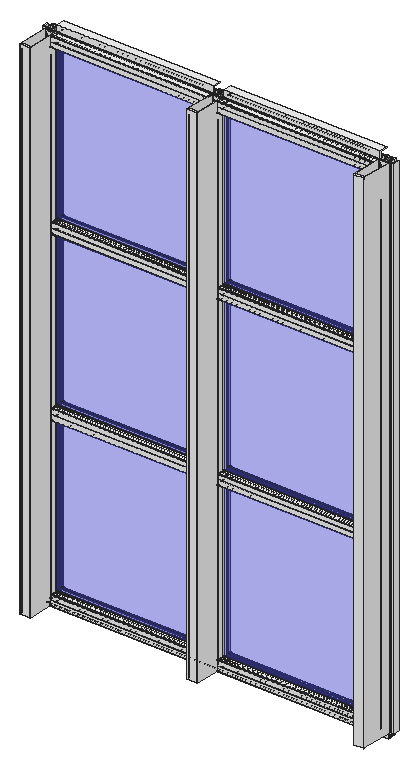
Revit family "Facade_60_Curtain_Wall_S23_Custom", category Windows, host Wall, Revit 2014 (continued)
Definition of nested family "F60_Double_Glazing_S23_Cust"
  Parameters (values of type "F60_Double_Glazing")
    Glazing Thickness DG [instance] = 4 mm
    Glazing Material [instance] = Glass
    Double Glazing Gasket Thickness [instance] = 12 mm
    Double Glazing Gasket Material [instance] = none
  Reference planes
    plane 1 "Center (Front/Back)": y = 0
    plane 2: z = 0
    plane 3 "Center (Left/Right)": x = 0
  Forms (mm)
    Extrusion 1, solid, material "Glass" <- "Glazing Material"
      sketch origin (0, 0, 0) x (1, 0, 0) y (0, 0, 1)
        loop
          line (0, 0) -> (0, 600) -> (-600, 600) -> (-600, 0) -> (0, 0)
      from 0 to 4 <- "Glazing Thickness DG"
    Extrusion 2, solid, material <- "Double Glazing Gasket Material"
      sketch origin (0, -4, 0) x (1, 0, 0) y (0, 0, 1)
        loop
          line (-600, 600) -> (-600, 0) -> (0, 0) -> (0, 600) -> (-600, 600)
        loop
          line (-592, 8) -> (-8, 8) -> (-8, 592) -> (-592, 592) -> (-592, 8)
      from 0 to 12 <- "Double Glazing Gasket Thickness"
    Extrusion 3, solid, material "Glass" <- "Glazing Material"
      sketch origin (0, -16, 0) x (1, 0, 0) y (0, 0, 1)
        loop
          line (-600, 600) -> (-600, 0) -> (0, 0) -> (0, 600) -> (-600, 600)
      from 0 to 4 <- "Glazing Thickness DG"
  Dimensions and locks
    "Glazing Width": plane 3 "Center (Left/Right)" to Extrusion 1 sketch curve
    "Glazing Height": Extrusion 1 sketch curve to level
    aligned and locked: level to plane 2
    aligned and locked: Extrusion 1 sketch curve to plane 3 "Center (Left/Right)"
    aligned and locked: level to Extrusion 1 sketch curve
    aligned and locked: Extrusion 2 sketch curve to Extrusion 1  (x4)
    aligned and locked: Extrusion 3 sketch curve to Extrusion 2  (x4)
  Automatic sketch dimensions
    Extrusion 2 sketch curve to Extrusion 1 = 8 mm  (x4)
Definition of nested family "F60 Vertical Profile Middle_S23_Cust"
  Parameters (values of type "F60 Vertical Profile Middle")
    Quarter SG Expansion Break [instance] = if(and(Quarter Expansion Break, Single Glazing), 1 = 1, 1 = 0)  # yes
    Quarter Length [instance] = Length / 4  # 62.5 mm
    Thermal Break Material [instance] = none
    Single Glazing [instance] = yes
    Quarter Expansion Break [instance] = yes
    Quarter DG Expansion Break [instance] = if(and(Quarter Expansion Break, Double Glazing), 1 = 1, 1 = 0)  # yes
    Quarter 190mm Expansion Break [instance] = if(and(Quarter Expansion Break, [190mm Mullion]), 1 = 1, 1 = 0)  # yes
    Quarter 160mm Expansion Break [instance] = if(and(Quarter Expansion Break, [160mm Mullion]), 1 = 1, 1 = 0)  # yes
    Quarter 100mm Expansion Break [instance] = if(and(Quarter Expansion Break, [100mm Mullion]), 1 = 1, 1 = 0)  # yes
    Profile Material [instance] = none
    Length [instance] = 250 mm
    Half SG Expansion Break [instance] = if(and(Half Expansion Break, Single Glazing), 1 = 1, 1 = 0)  # yes
    Half Length [instance] = Length / 2  # 125 mm
    Half Expansion Break [instance] = yes
    Half DG Expansion Break [instance] = if(and(Half Expansion Break, Double Glazing), 1 = 1, 1 = 0)  # yes
    Half 190mm Expansion Joint [instance] = if(and(Half Expansion Break, [190mm Mullion]), 1 = 1, 1 = 0)  # yes
    Half 160mm Expansion Break [instance] = if(and(Half Expansion Break, [160mm Mullion]), 1 = 1, 1 = 0)  # yes
    Half 100mm Expansion Break [instance] = if(and(Half Expansion Break, [100mm Mullion]), 1 = 1, 1 = 0)  # yes
    Double Glazing [instance] = yes
    190mm Mullion [instance] = yes
    160mm Mullion [instance] = yes
    100mm Mullion [instance] = yes
  Reference planes
    plane 1 "Center (Front/Back)": y = 0
    plane 2: z = 0
    plane 3 "Center (Left/Right)": x = 0
  Forms (mm)
    Extrusion 1, solid, material <- "Profile Material"
      sketch origin (0, 0, 0) x (1, 0, 0) y (0, 1, 0)
        loop
          arc (25.249, -8.7) -> (25.484, -9.266) -> (26.049, -9.5) r 0.8
          line (26.049, -9.5) -> (27.1, -9.5) -> (27.1, 7) -> (32.902, 7) -> (32.902, -9.5) -> (33.951, -9.5)
          arc (33.951, -9.5) -> (34.516, -9.266) -> (34.751, -8.7) r 0.8
          line (34.751, -8.7) -> (34.751, 6.2)
          arc (34.751, 6.2) -> (34.985, 6.766) -> (35.551, 7) r 0.8
          line (35.551, 7) -> (52.1, 7) -> (52.1, 5.4) -> (50.55, 5.4) -> (50.55, 4.55)
          arc (50.55, 4.55) -> (50.726, 4.126) -> (51.15, 3.95) r 0.6
          line (51.15, 3.95) -> (52.1, 3.95) -> (52.1, 1)
          arc (52.1, 1) -> (51.6, 0.5) -> (52.1, 0) r 0.5
          line (52.1, 0) -> (54.45, 0) -> (54.45, 1.15) -> (53.3, 1.15) -> (53.3, 2.45) -> (58.8, 2.45) -> (58.8, 1.15) -> (57.65, 1.15) -> (57.65, 0) -> (59.5, 0)
          arc (59.5, 0) -> (59.854, 0.146) -> (60, 0.5) r 0.5
          line (60, 0.5) -> (60, 3.9) -> (53.55, 3.9) -> (53.55, 7.6)
          arc (53.55, 7.6) -> (53.316, 8.166) -> (52.75, 8.4) r 0.8
          line (52.75, 8.4) -> (30, 8.4) -> (7.25, 8.4)
          arc (7.25, 8.4) -> (6.684, 8.166) -> (6.45, 7.6) r 0.8
          line (6.45, 7.6) -> (6.45, 3.9) -> (0, 3.9) -> (0, 0.5)
          arc (0, 0.5) -> (0.146, 0.146) -> (0.5, 0) r 0.5
          line (0.5, 0) -> (2.35, 0) -> (2.35, 1.15) -> (1.2, 1.15) -> (1.2, 2.45) -> (6.7, 2.45) -> (6.7, 1.15) -> (5.55, 1.15) -> (5.55, 0) -> (7.9, 0)
          arc (7.9, 0) -> (8.4, 0.5) -> (7.9, 1) r 0.5
          line (7.9, 1) -> (7.9, 3.95) -> (8.85, 3.95)
          arc (8.85, 3.95) -> (9.274, 4.126) -> (9.45, 4.55) r 0.6
          line (9.45, 4.55) -> (9.45, 5.4) -> (7.9, 5.4) -> (7.9, 7) -> (24.449, 7)
          arc (24.449, 7) -> (25.015, 6.766) -> (25.249, 6.2) r 0.8
          line (25.249, 6.2) -> (25.249, -8.7)
      from 0 to 250 <- "Length"
    Extrusion 2, solid, material <- "Thermal Break Material"
      sketch origin (0, 0, 0) x (1, 0, 0) y (0, 1, 0)
        loop
          line (1.75, 9.8) -> (1.75, 5.2) -> (0, 5.2) -> (0, 3.9) -> (6.35, 3.9) -> (6.35, 7.856)
          arc (6.35, 7.856) -> (6.526, 8.281) -> (6.95, 8.456) r 0.6
          line (6.95, 8.456) -> (30, 8.456) -> (53.05, 8.456)
          arc (53.05, 8.456) -> (53.474, 8.281) -> (53.65, 7.856) r 0.6
          line (53.65, 7.856) -> (53.65, 3.9) -> (60, 3.9) -> (60, 5.2) -> (58.25, 5.2) -> (58.25, 9.8) -> (30, 9.8) -> (1.75, 9.8)
      from 0 to 250 <- "Length"
    Extrusion 3, solid, material <- "Thermal Break Material", visible <- "Single Glazing"
      sketch origin (0, 0, 0) x (1, 0, 0) y (0, 1, 0)
        loop
          line (25.749, -14.011) -> (27.672, -14.011) -> (28.481, -12.611) -> (31.518, -12.611) -> (32.327, -14.011) -> (34.249, -14.011)
          arc (34.249, -14.011) -> (34.603, -13.864) -> (34.749, -13.511) r 0.5
          line (34.749, -13.511) -> (34.749, -10.011)
          arc (34.749, -10.011) -> (34.603, -9.657) -> (34.249, -9.511) r 0.5
          line (34.249, -9.511) -> (32.352, -9.511) -> (32.352, 0.19) -> (31.349, 2.261)
          arc (31.349, 2.261) -> (29.999, 2.986) -> (28.649, 2.261) r 1.62
          line (28.649, 2.261) -> (27.647, 0.19) -> (27.647, -9.511) -> (25.749, -9.511)
          arc (25.749, -9.511) -> (25.396, -9.657) -> (25.249, -10.011) r 0.5
          line (25.249, -10.011) -> (25.249, -13.511)
          arc (25.249, -13.511) -> (25.396, -13.864) -> (25.749, -14.011) r 0.5
        loop
          line (28.504, -10.005) -> (28.504, -10.861)
          arc (28.504, -10.861) -> (28.651, -11.214) -> (29.004, -11.361) r 0.5
          line (29.004, -11.361) -> (30.994, -11.361)
          arc (30.994, -11.361) -> (31.348, -11.214) -> (31.494, -10.861) r 0.5
          line (31.494, -10.861) -> (31.494, -10.005) -> (30.708, -9.219)
          arc (30.708, -9.219) -> (30.383, -9.001) -> (29.999, -8.924) r 1.007
          arc (29.999, -8.924) -> (29.616, -8.999) -> (29.292, -9.217) r 0.986
          line (29.292, -9.217) -> (28.504, -10.005)
        loop
          arc (30.896, 1.935) -> (29.887, 2.44) -> (29.005, 1.735) r 1.047
          line (29.005, 1.735) -> (28.347, 0.374) -> (28.347, -6.993)
          arc (28.347, -6.993) -> (28.583, -7.417) -> (29.068, -7.441) r 0.5
          arc (29.068, -7.441) -> (29.999, -7.223) -> (30.93, -7.441) r 2.099
          arc (30.93, -7.441) -> (31.416, -7.417) -> (31.652, -6.993) r 0.5
          line (31.652, -6.993) -> (31.652, 0.374) -> (30.896, 1.935)
      from 0 to 250 <- "Length"
    Extrusion 4, solid, material <- "Profile Material", visible <- "Single Glazing"
      sketch origin (0, 0, 0) x (1, 0, 0) y (0, 1, 0)
        loop
          line (52.693, -14.011) -> (32.327, -14.011) -> (31.519, -12.611) -> (28.481, -12.611) -> (27.673, -14.011) -> (7.307, -14.011) -> (7.307, -15.011) -> (8.457, -15.011) -> (8.457, -16.261) -> (2.957, -16.261) -> (2.957, -15.011) -> (4.107, -15.011) -> (4.107, -14.011) -> (1.707, -14.011)
          arc (1.707, -14.011) -> (1.199, -14.293) -> (1.168, -14.873) r 0.6
          line (1.168, -14.873) -> (2.093, -16.772) -> (1.015, -17.298) -> (1.484, -18.261) -> (11.488, -18.261)
          arc (11.488, -18.261) -> (11.913, -18.085) -> (12.088, -17.661) r 0.6
          line (12.088, -17.661) -> (12.088, -16.811) -> (47.912, -16.811) -> (47.912, -17.661)
          arc (47.912, -17.661) -> (48.088, -18.085) -> (48.512, -18.261) r 0.6
          line (48.512, -18.261) -> (58.518, -18.261) -> (58.987, -17.298) -> (57.908, -16.772) -> (58.834, -14.874)
          arc (58.834, -14.874) -> (58.802, -14.293) -> (58.293, -14.011) r 0.6
          line (58.293, -14.011) -> (55.893, -14.011) -> (55.893, -15.011) -> (57.043, -15.011) -> (57.043, -16.261) -> (51.543, -16.261) -> (51.543, -15.011) -> (52.693, -15.011) -> (52.693, -14.011)
      from 0 to 250 <- "Length"
    Extrusion 5, solid, material <- "Profile Material", visible <- "Single Glazing"
      sketch origin (0, 0, 0) x (1, 0, 0) y (0, 1, 0)
        loop
          line (2.801, -18.261) -> (1.484, -18.261) -> (1.015, -17.298) -> (2.093, -16.772) -> (0.779, -14.076)
          arc (0.779, -14.076) -> (0.239, -14.21) -> (0.001, -14.713) r 0.65
          line (0.001, -14.713) -> (0.001, -28.068)
          arc (0.001, -28.068) -> (1.172, -30.897) -> (4.001, -32.068) r 4
          line (4.001, -32.068) -> (30.001, -32.068) -> (56.001, -32.068)
          arc (56.001, -32.068) -> (58.829, -30.897) -> (60.001, -28.068) r 4
          line (60.001, -28.068) -> (60.001, -14.713)
          arc (60.001, -14.713) -> (59.763, -14.21) -> (59.223, -14.076) r 0.65
          line (59.223, -14.076) -> (57.908, -16.772) -> (58.987, -17.298) -> (58.518, -18.261) -> (57.201, -18.261)
          arc (57.201, -18.261) -> (56.83, -18.425) -> (56.703, -18.811) r 0.5
          arc (56.703, -18.811) -> (56.83, -19.196) -> (57.201, -19.361) r 0.5
          line (57.201, -19.361) -> (58.951, -19.361) -> (58.951, -27.968)
          arc (58.951, -27.968) -> (58.131, -29.948) -> (56.151, -30.768) r 2.8
          line (56.151, -30.768) -> (30.001, -30.768) -> (3.851, -30.768)
          arc (3.851, -30.768) -> (1.871, -29.948) -> (1.051, -27.968) r 2.8
          line (1.051, -27.968) -> (1.051, -19.361) -> (2.801, -19.361)
          arc (2.801, -19.361) -> (3.172, -19.196) -> (3.298, -18.811) r 0.5
          arc (3.298, -18.811) -> (3.172, -18.425) -> (2.801, -18.261) r 0.5
      from 0 to 250 <- "Length"
    Extrusion 6, solid, material <- "Profile Material", visible <- "100mm Mullion"
      sketch origin (0, 0, 0) x (1, 0, 0) y (0, 1, 0)
        loop
          line (14.02, 13) -> (45.98, 13)
          arc (45.98, 13) -> (46.539, 12.842) -> (46.917, 12.4) r 1
          arc (46.917, 12.4) -> (47.285, 11.963) -> (47.833, 11.8) r 1
          line (47.833, 11.8) -> (58.15, 11.8) -> (58.15, 96.3) -> (47.833, 96.3)
          arc (47.833, 96.3) -> (47.285, 96.137) -> (46.917, 95.7) r 1
          arc (46.917, 95.7) -> (46.548, 95.263) -> (46, 95.1) r 1
          line (46, 95.1) -> (14, 95.1)
          arc (14, 95.1) -> (13.452, 95.263) -> (13.083, 95.7) r 1
          arc (13.083, 95.7) -> (12.715, 96.137) -> (12.167, 96.3) r 1
          line (12.167, 96.3) -> (1.85, 96.3) -> (1.85, 11.8) -> (12.167, 11.8)
          arc (12.167, 11.8) -> (12.715, 11.963) -> (13.083, 12.4) r 1
          arc (13.083, 12.4) -> (13.461, 12.842) -> (14.02, 13) r 1
        loop
          line (1.65, 9.856) -> (58.35, 9.856) -> (58.35, 5.2) -> (60, 5.2) -> (60, 98.8)
          arc (60, 98.8) -> (59.707, 99.507) -> (59, 99.8) r 1
          line (59, 99.8) -> (1, 99.8)
          arc (1, 99.8) -> (0.293, 99.507) -> (0, 98.8) r 1
          line (0, 98.8) -> (0, 5.2) -> (1.65, 5.2) -> (1.65, 9.856)
      from 0 to 250 <- "Length"
    Extrusion 7, solid, material <- "Profile Material", visible <- "160mm Mullion"
      sketch origin (0, 0, 0) x (1, 0, 0) y (0, 1, 0)
        loop
          arc (2.35, 15.6) -> (2.526, 15.176) -> (2.95, 15) r 0.6
          line (2.95, 15) -> (57.05, 15)
          arc (57.05, 15) -> (57.474, 15.176) -> (57.65, 15.6) r 0.6
          line (57.65, 15.6) -> (57.65, 153.7)
          arc (57.65, 153.7) -> (57.474, 154.124) -> (57.05, 154.3) r 0.6
          line (57.05, 154.3) -> (47.833, 154.3)
          arc (47.833, 154.3) -> (47.285, 154.137) -> (46.917, 153.7) r 1
          arc (46.917, 153.7) -> (46.548, 153.263) -> (46, 153.1) r 1
          line (46, 153.1) -> (14, 153.1)
          arc (14, 153.1) -> (13.452, 153.263) -> (13.083, 153.7) r 1
          arc (13.083, 153.7) -> (12.715, 154.137) -> (12.167, 154.3) r 1
          line (12.167, 154.3) -> (2.95, 154.3)
          arc (2.95, 154.3) -> (2.526, 154.124) -> (2.35, 153.7) r 0.6
          line (2.35, 153.7) -> (2.35, 15.6)
        loop
          arc (1, 159.8) -> (0.293, 159.507) -> (0, 158.8) r 1
          line (0, 158.8) -> (0, 5.2) -> (1.65, 5.2) -> (1.65, 10.013) -> (58.35, 10.013) -> (58.35, 5.2) -> (60, 5.2) -> (60, 158.8)
          arc (60, 158.8) -> (59.707, 159.507) -> (59, 159.8) r 1
          line (59, 159.8) -> (1, 159.8)
      from 0 to 250 <- "Length"
    Extrusion 8, solid, material <- "Profile Material", visible <- "190mm Mullion"
      sketch origin (0, 0, 0) x (1, 0, 0) y (0, 1, 0)
        loop
          line (57.25, 15.1) -> (57.25, 178.3)
          arc (57.25, 178.3) -> (56.957, 179.007) -> (56.25, 179.3) r 1
          line (56.25, 179.3) -> (3.75, 179.3)
          arc (3.75, 179.3) -> (3.043, 179.007) -> (2.75, 178.3) r 1
          line (2.75, 178.3) -> (2.75, 15.1)
          arc (2.75, 15.1) -> (2.984, 14.534) -> (3.55, 14.3) r 0.8
          line (3.55, 14.3) -> (56.45, 14.3)
          arc (56.45, 14.3) -> (57.016, 14.534) -> (57.25, 15.1) r 0.8
        loop
          line (60, 5.2) -> (60, 188.8)
          arc (60, 188.8) -> (59.707, 189.507) -> (59, 189.8) r 1
          line (59, 189.8) -> (1, 189.8)
          arc (1, 189.8) -> (0.293, 189.507) -> (0, 188.8) r 1
          line (0, 188.8) -> (0, 5.2) -> (1.65, 5.2) -> (1.65, 9.856) -> (58.35, 9.856) -> (58.35, 5.2) -> (60, 5.2)
      from 0 to 250 <- "Length"
    Extrusion 9, solid, material <- "Thermal Break Material", visible <- "Double Glazing"
      sketch origin (0, 0, 0) x (1, 0, 0) y (0, 1, 0)
        loop
          line (27.672, -28) -> (28.48, -26.6) -> (31.518, -26.6) -> (32.326, -28) -> (34.249, -28)
          arc (34.249, -28) -> (34.603, -27.854) -> (34.749, -27.5) r 0.5
          line (34.749, -27.5) -> (34.749, -10)
          arc (34.749, -10) -> (34.603, -9.646) -> (34.249, -9.5) r 0.5
          line (34.249, -9.5) -> (32.352, -9.5) -> (32.352, 0.198) -> (31.348, 2.272)
          arc (31.348, 2.272) -> (29.998, 2.997) -> (28.648, 2.272) r 1.62
          line (28.648, 2.272) -> (27.645, 0.201) -> (27.645, -9.5) -> (25.749, -9.5)
          arc (25.749, -9.5) -> (25.396, -9.646) -> (25.249, -10) r 0.5
          line (25.249, -10) -> (25.249, -27.5)
          arc (25.249, -27.5) -> (25.396, -27.854) -> (25.749, -28) r 0.5
          line (25.749, -28) -> (27.672, -28)
        loop
          arc (30.706, -9.206) -> (30.382, -8.99) -> (29.999, -8.913) r 1.007
          arc (29.999, -8.913) -> (29.616, -8.988) -> (29.292, -9.206) r 0.986
          line (29.292, -9.206) -> (27.142, -11.356)
          arc (27.142, -11.356) -> (26.926, -11.68) -> (26.849, -12.063) r 1
          line (26.849, -12.063) -> (26.849, -24)
          arc (26.849, -24) -> (27.142, -24.707) -> (27.849, -25) r 1
          line (27.849, -25) -> (32.149, -25)
          arc (32.149, -25) -> (32.856, -24.707) -> (33.149, -24) r 1
          line (33.149, -24) -> (33.149, -12.063)
          arc (33.149, -12.063) -> (33.073, -11.68) -> (32.856, -11.356) r 1
          line (32.856, -11.356) -> (30.706, -9.206)
        loop
          arc (28.345, -6.982) -> (28.581, -7.407) -> (29.067, -7.43) r 0.5
          arc (29.067, -7.43) -> (29.998, -7.213) -> (30.929, -7.43) r 2.099
          arc (30.929, -7.43) -> (31.414, -7.407) -> (31.651, -6.982) r 0.5
          line (31.651, -6.982) -> (31.651, 0.385) -> (30.895, 1.946)
          arc (30.895, 1.946) -> (29.885, 2.45) -> (29.004, 1.745) r 1.047
          line (29.004, 1.745) -> (28.345, 0.385) -> (28.345, -6.982)
      from 0 to 250 <- "Length"
    Extrusion 10, solid, material <- "Profile Material", visible <- "Double Glazing"
      sketch origin (0, 0, 0) x (1, 0, 0) y (0, 1, 0)
        loop
          line (52.692, -28) -> (32.327, -28) -> (31.518, -26.6) -> (28.48, -26.6) -> (27.672, -28) -> (7.306, -28) -> (7.306, -29) -> (8.456, -29) -> (8.456, -30.25) -> (2.956, -30.25) -> (2.956, -29) -> (4.106, -29) -> (4.106, -28) -> (1.706, -28)
          arc (1.706, -28) -> (1.198, -28.282) -> (1.167, -28.863) r 0.6
          line (1.167, -28.863) -> (2.093, -30.762) -> (1.014, -31.288) -> (1.483, -32.25) -> (11.488, -32.25)
          arc (11.488, -32.25) -> (11.912, -32.074) -> (12.088, -31.65) r 0.6
          line (12.088, -31.65) -> (12.088, -30.8) -> (47.911, -30.8) -> (47.911, -31.65)
          arc (47.911, -31.65) -> (48.087, -32.074) -> (48.511, -32.25) r 0.6
          line (48.511, -32.25) -> (58.517, -32.25) -> (58.986, -31.288) -> (57.907, -30.762) -> (58.833, -28.864)
          arc (58.833, -28.864) -> (58.801, -28.282) -> (58.292, -28) r 0.6
          line (58.292, -28) -> (55.892, -28) -> (55.892, -29) -> (57.042, -29) -> (57.042, -30.25) -> (51.542, -30.25) -> (51.542, -29) -> (52.692, -29) -> (52.692, -28)
      from 0 to 250 <- "Length"
    Extrusion 11, solid, material <- "Profile Material", visible <- "Double Glazing"
      sketch origin (0, 0, 0) x (1, 0, 0) y (0, 1, 0)
        loop
          line (2.8, -32.25) -> (1.483, -32.25) -> (1.014, -31.288) -> (2.093, -30.762) -> (0.778, -28.065)
          arc (0.778, -28.065) -> (0.238, -28.2) -> (0, -28.702) r 0.65
          line (0, -28.702) -> (0, -42.058)
          arc (0, -42.058) -> (1.172, -44.886) -> (4, -46.058) r 4
          line (4, -46.058) -> (30, -46.058) -> (56, -46.058)
          arc (56, -46.058) -> (58.828, -44.886) -> (60, -42.058) r 4
          line (60, -42.058) -> (60, -28.702)
          arc (60, -28.702) -> (59.762, -28.2) -> (59.222, -28.065) r 0.65
          line (59.222, -28.065) -> (57.907, -30.762) -> (58.986, -31.288) -> (58.517, -32.25) -> (57.2, -32.25)
          arc (57.2, -32.25) -> (56.829, -32.415) -> (56.703, -32.8) r 0.5
          arc (56.703, -32.8) -> (56.829, -33.185) -> (57.2, -33.35) r 0.5
          line (57.2, -33.35) -> (58.95, -33.35) -> (58.95, -41.958)
          arc (58.95, -41.958) -> (58.13, -43.938) -> (56.15, -44.758) r 2.8
          line (56.15, -44.758) -> (30, -44.758) -> (3.85, -44.758)
          arc (3.85, -44.758) -> (1.87, -43.938) -> (1.05, -41.958) r 2.8
          line (1.05, -41.958) -> (1.05, -33.35) -> (2.8, -33.35)
          arc (2.8, -33.35) -> (3.171, -33.185) -> (3.297, -32.8) r 0.5
          arc (3.297, -32.8) -> (3.171, -32.415) -> (2.8, -32.25) r 0.5
      from 0 to 250 <- "Length"
    Extrusion 12, solid, material <- "Profile Material", visible <- "Double Glazing"
      sketch origin (0, 0, 0) x (1, 0, 0) y (0, 1, 0)
        loop
          line (12, -7.775) -> (0, -7.775) -> (0, -25.775) -> (12, -25.775) -> (12, -7.775)
        loop
          line (10.8, -8.975) -> (1.2, -8.975) -> (1.2, -24.575) -> (10.8, -24.575) -> (10.8, -8.975)
      from 0 to 250 <- "Length"
  Lines and regions (mm)
    model lines, style "GenericModelHiddenLines", visible <- "Half 100mm Expansion Break"
      curve 1: line (60, 5.2, 125) -> (60, 95.2, 125)
      curve 2: line (60, 99.8, 125) -> (0, 99.8, 125)
      curve 8: line (0, 5.2, 125) -> (0, 95.2, 125)
    model lines, style "GenericModelHiddenLines", visible <- "Quarter 100mm Expansion Break"
      curve 3: line (60, 5.2, 187.5) -> (60, 95.2, 187.5)
      curve 4: line (60, 5.2, 62.5) -> (60, 95.2, 62.5)
      curve 5: line (60, 99.8, 62.5) -> (0, 99.8, 62.5)
      curve 6: line (60, 99.8, 187.5) -> (0, 99.8, 187.5)
      curve 7: line (0, 5.2, 187.5) -> (0, 95.2, 187.5)
      curve 9: line (0, 5.2, 62.5) -> (0, 95.2, 62.5)
    model lines, style "GenericModelHiddenLines", visible <- "Half SG Expansion Break"
      curve 10: line (4.107, -32.068, 125) -> (55.893, -32.068, 125)
      curve 14: line (60.001, -14.011, 125) -> (60.001, -32.068, 125)
    model lines, style "GenericModelHiddenLines", visible <- "Quarter SG Expansion Break"
      curve 11: line (4.107, -32.068, 187.5) -> (56.703, -32.068, 187.5)
      curve 12: line (4.107, -32.068, 62.5) -> (56.703, -32.068, 62.5)
      curve 13: line (60.001, -14.011, 187.5) -> (60.001, -32.068, 187.5)
      curve 15: line (60.001, -14.011, 62.5) -> (60.001, -32.068, 62.5)
    model lines, style "GenericModelHiddenLines", visible <- "Quarter 160mm Expansion Break"
      curve 16: line (0, 5.2, 187.5) -> (0, 155.2, 187.5)
      curve 18: line (0, 5.2, 62.5) -> (0, 155.2, 62.5)
      curve 19: line (0, 159.8, 187.5) -> (60, 159.8, 187.5)
      curve 21: line (0, 159.8, 62.5) -> (60, 159.8, 62.5)
      curve 22: line (60, 5.2, 187.5) -> (60, 155.2, 187.5)
      curve 24: line (60, 5.2, 62.5) -> (60, 155.2, 62.5)
    model lines, style "GenericModelHiddenLines", visible <- "Half 160mm Expansion Break"
      curve 17: line (0, 5.2, 125) -> (0, 155.2, 125)
      curve 20: line (0, 159.8, 125) -> (60, 159.8, 125)
      curve 23: line (60, 5.2, 125) -> (60, 155.2, 125)
    model lines, style "GenericModelHiddenLines", visible <- "Quarter 190mm Expansion Break"
      curve 25: line (0, 5.2, 187.5) -> (0, 185.2, 187.5)
      curve 27: line (0, 5.2, 62.5) -> (0, 185.2, 62.5)
      curve 28: line (0.779, 189.8, 187.5) -> (59.222, 189.8, 187.5)
      curve 30: line (0.779, 189.8, 62.5) -> (59.222, 189.8, 62.5)
      curve 31: line (60, 5.2, 187.5) -> (60, 185.2, 187.5)
      curve 33: line (60, 5.2, 62.5) -> (60, 185.2, 62.5)
    model lines, style "GenericModelHiddenLines", visible <- "Half 190mm Expansion Joint"
      curve 26: line (0, 5.2, 125) -> (0, 185.2, 125)
      curve 29: line (0.779, 189.8, 125) -> (59.222, 189.8, 125)
      curve 32: line (60, 5.2, 125) -> (60, 185.2, 125)
    model lines, style "GenericModelHiddenLines", visible <- "Quarter DG Expansion Break"
      curve 34: line (60, -28.065, 187.5) -> (60, -46.074, 187.5)
      curve 36: line (60, -28.065, 62.5) -> (60, -46.027, 62.5)
      curve 37: line (59.222, -46.058, 187.5) -> (0.779, -46.058, 187.5)
      curve 39: line (59.222, -46.058, 62.5) -> (0.779, -46.058, 62.5)
    model lines, style "GenericModelHiddenLines", visible <- "Half DG Expansion Break"
      curve 35: line (60, -28.065, 125) -> (60, -46.074, 125)
      curve 38: line (59.222, -46.058, 125) -> (0.779, -46.058, 125)
  Dimensions and locks
    "Half Length": curve 1 to level
    "Half Length": level to curve 2
    "Quarter Length": curve 4 to level
    "Quarter Length": Extrusion 8 to curve 3
    "Quarter Length": level to curve 5
    "Quarter Length": curve 6 to Extrusion 6
    "Quarter Length": curve 9 to level
    "Half Length": curve 8 to level
    "Quarter Length": Extrusion 8 to curve 7
    "Quarter Length": curve 12 to level
    "Half Length": curve 10 to level
    "Quarter Length": Extrusion 5 to curve 11
    "Quarter Length": curve 15 to level
    "Half Length": curve 14 to level
    "Quarter Length": Extrusion 5 to curve 13
    "Quarter Length": Extrusion 7 to curve 18
    "Half Length": Extrusion 7 to curve 17
    "Quarter Length": Extrusion 7 to curve 16
    "Quarter Length": Extrusion 7 to curve 21
    "Quarter Length": curve 19 to Extrusion 7
    "Half Length": Extrusion 7 to curve 20
    "Quarter Length": Extrusion 7 to curve 24
    "Quarter Length": Extrusion 7 to curve 22
    "Half Length": Extrusion 7 to curve 23
    "Quarter Length": Extrusion 8 to curve 27
    "Quarter Length": Extrusion 8 to curve 25
    "Half Length": Extrusion 8 to curve 26
    "Quarter Length": Extrusion 8 to curve 30
    "Quarter Length": curve 28 to Extrusion 8
    "Half Length": Extrusion 8 to curve 29
    "Quarter Length": Extrusion 8 to curve 33
    "Quarter Length": Extrusion 8 to curve 31
    "Half Length": Extrusion 8 to curve 32
    "Quarter Length": Extrusion 11 to curve 36
    "Quarter Length": Extrusion 11 to curve 34
    "Half Length": Extrusion 11 to curve 35
    "Quarter Length": Extrusion 11 to curve 37
    "Quarter Length": curve 39 to Extrusion 11
    "Half Length": curve 38 to Extrusion 11
    aligned and locked: level to plane 2
  Automatic sketch dimensions
    Extrusion 1 sketch curve to plane 3 "Center (Left/Right)" = 0 mm
    plane 1 "Center (Front/Back)" to Extrusion 1 sketch curve = 0 mm  (x4)
    plane 3 "Center (Left/Right)" to Extrusion 1 sketch curve = 0.5 mm
    Extrusion 1 sketch curve to Extrusion 1 sketch curve = 0.7 mm  (x2)
    Extrusion 1 sketch curve to Extrusion 1 sketch curve = 1.15 mm  (x4)
    Extrusion 1 sketch curve to Extrusion 1 sketch curve = 3.2 mm  (x2)
    Extrusion 1 sketch curve to Extrusion 1 sketch curve = 0.9 mm
    Extrusion 1 sketch curve to Extrusion 1 sketch curve = 0.25 mm
    Extrusion 1 sketch curve to Extrusion 1 sketch curve = 0.8 mm  (x7)
    Extrusion 1 sketch curve to Extrusion 1 sketch curve = 1.45 mm  (x2)
    Extrusion 1 sketch curve to Extrusion 1 sketch curve = 0.65 mm  (x3)
    Extrusion 1 sketch curve to Extrusion 1 sketch curve = 0.95 mm  (x3)
    Extrusion 1 sketch curve to Extrusion 1 sketch curve = 0.6 mm  (x3)
    Extrusion 1 sketch curve to plane 1 "Center (Front/Back)" = 7 mm
    Extrusion 1 sketch curve to Extrusion 1 sketch curve = 14.999 mm  (x2)
    plane 1 "Center (Front/Back)" to Extrusion 1 sketch curve = 8.7 mm
    Extrusion 1 sketch curve to Extrusion 1 sketch curve = 1.85 mm
    Extrusion 1 sketch curve to Extrusion 1 sketch curve = 2.9 mm
    Extrusion 1 sketch curve to Extrusion 1 sketch curve = 5.802 mm
    Extrusion 1 sketch curve to Extrusion 1 sketch curve = 1.049 mm
    Extrusion 1 sketch curve to plane 1 "Center (Front/Back)" = 4.55 mm
    Extrusion 1 sketch curve to plane 1 "Center (Front/Back)" = 0.5 mm  (x3)
    Extrusion 1 sketch curve to Extrusion 1 sketch curve = 1.2 mm
    Extrusion 1 sketch curve to plane 1 "Center (Front/Back)" = 1.15 mm  (x2)
    Extrusion 1 sketch curve to Extrusion 1 sketch curve = 0 mm
    Extrusion 1 sketch curve to Extrusion 1 sketch curve = 1.3 mm  (x2)
    Extrusion 1 sketch curve to Extrusion 1 sketch curve = 0.05 mm  (x2)
    Extrusion 1 sketch curve to Extrusion 1 sketch curve = 0.85 mm  (x2)
    Extrusion 1 sketch curve to plane 1 "Center (Front/Back)" = 6.2 mm
    Extrusion 2 sketch curve to plane 3 "Center (Left/Right)" = 0 mm
    plane 3 "Center (Left/Right)" to Extrusion 2 sketch curve = 1.75 mm
    Extrusion 2 sketch curve to Extrusion 2 sketch curve = 4.6 mm  (x4)
    Extrusion 2 sketch curve to Extrusion 2 sketch curve = 0.6 mm  (x2)
    Extrusion 2 sketch curve to plane 1 "Center (Front/Back)" = 9.8 mm
    Extrusion 2 sketch curve to Extrusion 2 sketch curve = 23.05 mm  (x2)
    Extrusion 2 sketch curve to Extrusion 2 sketch curve = 0 mm
    Extrusion 2 sketch curve to plane 1 "Center (Front/Back)" = 8.456 mm
    Extrusion 2 sketch curve to Extrusion 2 sketch curve = 1.75 mm
    Extrusion 2 sketch curve to plane 1 "Center (Front/Back)" = 3.9 mm  (x2)
    plane 3 "Center (Left/Right)" to Extrusion 3 sketch curve = 25.249 mm
    Extrusion 3 sketch curve to Extrusion 3 sketch curve = 0.5 mm  (x6)
    Extrusion 3 sketch curve to plane 1 "Center (Front/Back)" = 0.19 mm  (x2)
    Extrusion 3 sketch curve to Extrusion 3 sketch curve = 1.897 mm  (x2)
    Extrusion 3 sketch curve to Extrusion 3 sketch curve = 1.922 mm  (x2)
    Extrusion 3 sketch curve to plane 1 "Center (Front/Back)" = 0.374 mm  (x2)
    Extrusion 3 sketch curve to Extrusion 3 sketch curve = 0.7 mm  (x2)
    plane 1 "Center (Front/Back)" to Extrusion 3 sketch curve = 12.611 mm
    Extrusion 3 sketch curve to Extrusion 3 sketch curve = 0.809 mm
    Extrusion 3 sketch curve to Extrusion 3 sketch curve = 0.858 mm
    Extrusion 3 sketch curve to plane 1 "Center (Front/Back)" = 2.261 mm  (x2)
    Extrusion 3 sketch curve to Extrusion 3 sketch curve = 0.303 mm
    Extrusion 3 sketch curve to plane 1 "Center (Front/Back)" = 1.735 mm
    Extrusion 3 sketch curve to Extrusion 3 sketch curve = 0.356 mm
    plane 1 "Center (Front/Back)" to Extrusion 3 sketch curve = 9.217 mm
    Extrusion 3 sketch curve to Extrusion 3 sketch curve = 0.788 mm
    Extrusion 3 sketch curve to Extrusion 3 sketch curve = 0.701 mm
    Extrusion 3 sketch curve to Extrusion 3 sketch curve = 0.003 mm
    Extrusion 3 sketch curve to Extrusion 3 sketch curve = 0.992 mm
    Extrusion 3 sketch curve to Extrusion 3 sketch curve = 0.006 mm
    Extrusion 3 sketch curve to Extrusion 3 sketch curve = 0.002 mm
    plane 1 "Center (Front/Back)" to Extrusion 3 sketch curve = 9.219 mm
    Extrusion 3 sketch curve to Extrusion 3 sketch curve = 0.709 mm
    Extrusion 3 sketch curve to plane 1 "Center (Front/Back)" = 1.935 mm
    Extrusion 3 sketch curve to Extrusion 3 sketch curve = 0.899 mm
    Extrusion 3 sketch curve to Extrusion 3 sketch curve = 0.998 mm
    Extrusion 3 sketch curve to Extrusion 3 sketch curve = 0.444 mm
    Extrusion 3 sketch curve to Extrusion 3 sketch curve = 0.524 mm
    Extrusion 3 sketch curve to Extrusion 3 sketch curve = 0.756 mm
    Extrusion 3 sketch curve to Extrusion 3 sketch curve = 0.808 mm
    Extrusion 3 sketch curve to Extrusion 3 sketch curve = 0.9 mm  (x2)
    Extrusion 3 sketch curve to Extrusion 3 sketch curve = 1.25 mm
    Extrusion 3 sketch curve to Extrusion 3 sketch curve = 0.85 mm  (x2)
    Extrusion 3 sketch curve to Extrusion 3 sketch curve = 0.856 mm  (x2)
    Extrusion 3 sketch curve to Extrusion 3 sketch curve = 0.714 mm
    Extrusion 3 sketch curve to Extrusion 3 sketch curve = 0.02 mm
    Extrusion 3 sketch curve to Extrusion 3 sketch curve = 0.399 mm
    Extrusion 3 sketch curve to Extrusion 3 sketch curve = 2.224 mm
    Extrusion 3 sketch curve to Extrusion 3 sketch curve = 0.448 mm
    Extrusion 3 sketch curve to Extrusion 3 sketch curve = 0.032 mm
    Extrusion 3 sketch curve to Extrusion 3 sketch curve = 0 mm
    plane 3 "Center (Left/Right)" to Extrusion 4 sketch curve = 1.015 mm
    Extrusion 4 sketch curve to Extrusion 4 sketch curve = 0.469 mm
    plane 3 "Center (Left/Right)" to Extrusion 4 sketch curve = 1.707 mm
    Extrusion 4 sketch curve to Extrusion 4 sketch curve = 1.079 mm
    Extrusion 4 sketch curve to Extrusion 4 sketch curve = 0.864 mm
    Extrusion 4 sketch curve to Extrusion 4 sketch curve = 1.15 mm  (x4)
    Extrusion 4 sketch curve to Extrusion 4 sketch curve = 3.2 mm  (x2)
    Extrusion 4 sketch curve to Extrusion 4 sketch curve = 3.031 mm  (x2)
    Extrusion 4 sketch curve to Extrusion 4 sketch curve = 0.6 mm  (x3)
    Extrusion 4 sketch curve to Extrusion 4 sketch curve = 15.584 mm  (x2)
    plane 1 "Center (Front/Back)" to Extrusion 4 sketch curve = 12.611 mm
    Extrusion 4 sketch curve to Extrusion 4 sketch curve = 0.808 mm  (x2)
    Extrusion 4 sketch curve to Extrusion 4 sketch curve = 3.038 mm
    plane 1 "Center (Front/Back)" to Extrusion 4 sketch curve = 14.011 mm
    plane 1 "Center (Front/Back)" to Extrusion 4 sketch curve = 16.772 mm
    Extrusion 4 sketch curve to Extrusion 4 sketch curve = 0.865 mm
    Extrusion 4 sketch curve to Extrusion 4 sketch curve = 1.25 mm  (x4)
    plane 1 "Center (Front/Back)" to Extrusion 4 sketch curve = 18.261 mm
    Extrusion 4 sketch curve to Extrusion 4 sketch curve = 0.61 mm
    plane 1 "Center (Front/Back)" to Extrusion 4 sketch curve = 17.298 mm
    Extrusion 4 sketch curve to Extrusion 4 sketch curve = 5.65 mm
    Extrusion 4 sketch curve to Extrusion 4 sketch curve = 0.962 mm
    Extrusion 4 sketch curve to Extrusion 4 sketch curve = 0.85 mm
    Extrusion 4 sketch curve to Extrusion 4 sketch curve = 0.512 mm  (x2)
    Extrusion 4 sketch curve to Extrusion 4 sketch curve = 1 mm  (x2)
    Extrusion 4 sketch curve to Extrusion 4 sketch curve = 0.4 mm  (x2)
    Extrusion 4 sketch curve to Extrusion 4 sketch curve = 1.4 mm
    Extrusion 4 sketch curve to Extrusion 4 sketch curve = 0.539 mm  (x2)
    Extrusion 4 sketch curve to Extrusion 4 sketch curve = 0 mm
    plane 1 "Center (Front/Back)" to Extrusion 4 sketch curve = 14.874 mm
    plane 3 "Center (Left/Right)" to Extrusion 5 sketch curve = 0.001 mm
    Extrusion 5 sketch curve to Extrusion 5 sketch curve = 0.65 mm  (x2)
    Extrusion 5 sketch curve to Extrusion 5 sketch curve = 0.128 mm  (x2)
    plane 3 "Center (Left/Right)" to Extrusion 5 sketch curve = 1.015 mm
    plane 3 "Center (Left/Right)" to Extrusion 5 sketch curve = 1.051 mm
    Extrusion 5 sketch curve to Extrusion 5 sketch curve = 0.469 mm  (x2)
    Extrusion 5 sketch curve to Extrusion 5 sketch curve = 1.079 mm
    Extrusion 5 sketch curve to Extrusion 5 sketch curve = 1.317 mm  (x2)
    Extrusion 5 sketch curve to Extrusion 5 sketch curve = 0 mm  (x3)
    plane 3 "Center (Left/Right)" to Extrusion 5 sketch curve = 3.851 mm
    Extrusion 5 sketch curve to Extrusion 5 sketch curve = 0.15 mm  (x2)
    Extrusion 5 sketch curve to Extrusion 5 sketch curve = 26 mm  (x2)
    Extrusion 5 sketch curve to Extrusion 5 sketch curve = 1.05 mm
    plane 1 "Center (Front/Back)" to Extrusion 5 sketch curve = 16.772 mm
    Extrusion 5 sketch curve to Extrusion 5 sketch curve = 0.707 mm
    Extrusion 5 sketch curve to Extrusion 5 sketch curve = 0.433 mm
    plane 1 "Center (Front/Back)" to Extrusion 5 sketch curve = 17.298 mm
    plane 1 "Center (Front/Back)" to Extrusion 5 sketch curve = 14.076 mm
    Extrusion 5 sketch curve to Extrusion 5 sketch curve = 0.5 mm  (x2)
    plane 1 "Center (Front/Back)" to Extrusion 5 sketch curve = 18.761 mm
    Extrusion 5 sketch curve to Extrusion 5 sketch curve = 0.1 mm  (x3)
    Extrusion 5 sketch curve to Extrusion 5 sketch curve = 1.1 mm  (x2)
    Extrusion 5 sketch curve to Extrusion 5 sketch curve = 8.608 mm
    Extrusion 5 sketch curve to Extrusion 5 sketch curve = 0.962 mm
    Extrusion 6 sketch curve to plane 3 "Center (Left/Right)" = 0 mm
    plane 3 "Center (Left/Right)" to Extrusion 6 sketch curve = 1 mm
    plane 3 "Center (Left/Right)" to Extrusion 6 sketch curve = 1.65 mm
    plane 3 "Center (Left/Right)" to Extrusion 6 sketch curve = 1.85 mm
    Extrusion 6 sketch curve to Extrusion 6 sketch curve = 10.317 mm  (x3)
    Extrusion 6 sketch curve to Extrusion 6 sketch curve = 1.833 mm  (x4)
    Extrusion 6 sketch curve to Extrusion 6 sketch curve = 0.02 mm  (x2)
    Extrusion 6 sketch curve to plane 1 "Center (Front/Back)" = 13 mm
    Extrusion 6 sketch curve to Extrusion 6 sketch curve = 31.961 mm
    Extrusion 6 sketch curve to Extrusion 6 sketch curve = 32 mm
    Extrusion 6 sketch curve to Extrusion 6 sketch curve = 0.2 mm  (x5)
    Extrusion 6 sketch curve to Extrusion 6 sketch curve = 0.85 mm
    Extrusion 6 sketch curve to Extrusion 6 sketch curve = 1.65 mm
    Extrusion 6 sketch curve to Extrusion 6 sketch curve = 1 mm  (x8)
    Extrusion 6 sketch curve to Extrusion 6 sketch curve = 1.944 mm
    Extrusion 6 sketch curve to Extrusion 6 sketch curve = 4.656 mm  (x2)
    Extrusion 6 sketch curve to Extrusion 6 sketch curve = 82.1 mm
    Extrusion 6 sketch curve to Extrusion 6 sketch curve = 2.5 mm
    Extrusion 7 sketch curve to plane 3 "Center (Left/Right)" = 0 mm
    Extrusion 7 sketch curve to Extrusion 7 sketch curve = 1 mm  (x3)
    plane 3 "Center (Left/Right)" to Extrusion 7 sketch curve = 1.65 mm
    plane 3 "Center (Left/Right)" to Extrusion 7 sketch curve = 2.35 mm
    Extrusion 7 sketch curve to Extrusion 7 sketch curve = 0.6 mm  (x3)
    Extrusion 7 sketch curve to Extrusion 7 sketch curve = 9.217 mm  (x2)
    Extrusion 7 sketch curve to Extrusion 7 sketch curve = 1.833 mm  (x2)
    Extrusion 7 sketch curve to Extrusion 7 sketch curve = 32 mm
    Extrusion 7 sketch curve to plane 1 "Center (Front/Back)" = 15 mm
    Extrusion 7 sketch curve to Extrusion 7 sketch curve = 54.1 mm
    Extrusion 7 sketch curve to Extrusion 7 sketch curve = 1.3 mm
    Extrusion 7 sketch curve to Extrusion 7 sketch curve = 1.95 mm
    Extrusion 7 sketch curve to Extrusion 7 sketch curve = 1.65 mm
    Extrusion 7 sketch curve to Extrusion 7 sketch curve = 4.987 mm
    Extrusion 7 sketch curve to Extrusion 7 sketch curve = 4.813 mm
    Extrusion 7 sketch curve to Extrusion 7 sketch curve = 4.812 mm
    Extrusion 7 sketch curve to Extrusion 7 sketch curve = 137.5 mm
    Extrusion 7 sketch curve to Extrusion 7 sketch curve = 0.2 mm  (x2)
    Extrusion 7 sketch curve to Extrusion 7 sketch curve = 0.4 mm  (x2)
    Extrusion 7 sketch curve to Extrusion 7 sketch curve = 4.5 mm
    Extrusion 8 sketch curve to plane 3 "Center (Left/Right)" = 0 mm
    Extrusion 8 sketch curve to Extrusion 8 sketch curve = 1 mm  (x3)
    plane 3 "Center (Left/Right)" to Extrusion 8 sketch curve = 1.65 mm
    plane 3 "Center (Left/Right)" to Extrusion 8 sketch curve = 2.75 mm
    Extrusion 8 sketch curve to Extrusion 8 sketch curve = 0.8 mm  (x2)
    Extrusion 8 sketch curve to Extrusion 8 sketch curve = 52.5 mm
    Extrusion 8 sketch curve to plane 1 "Center (Front/Back)" = 15.1 mm
    Extrusion 8 sketch curve to Extrusion 8 sketch curve = 52.9 mm
    Extrusion 8 sketch curve to Extrusion 8 sketch curve = 1.9 mm
    Extrusion 8 sketch curve to Extrusion 8 sketch curve = 2.75 mm
    Extrusion 8 sketch curve to Extrusion 8 sketch curve = 4.444 mm
    Extrusion 8 sketch curve to Extrusion 8 sketch curve = 4.656 mm  (x2)
    Extrusion 8 sketch curve to Extrusion 8 sketch curve = 163.2 mm
    Extrusion 8 sketch curve to Extrusion 8 sketch curve = 9.5 mm
    plane 3 "Center (Left/Right)" to Extrusion 9 sketch curve = 25.249 mm
    Extrusion 9 sketch curve to Extrusion 9 sketch curve = 0.5 mm  (x4)
    Extrusion 9 sketch curve to Extrusion 9 sketch curve = 1.1 mm
    plane 1 "Center (Front/Back)" to Extrusion 9 sketch curve = 11.356 mm  (x2)
    Extrusion 9 sketch curve to Extrusion 9 sketch curve = 0.293 mm  (x2)
    Extrusion 9 sketch curve to Extrusion 9 sketch curve = 1.896 mm
    Extrusion 9 sketch curve to Extrusion 9 sketch curve = 1.922 mm
    Extrusion 9 sketch curve to Extrusion 9 sketch curve = 1 mm  (x2)
    Extrusion 9 sketch curve to Extrusion 9 sketch curve = 0.7 mm
    Extrusion 9 sketch curve to Extrusion 9 sketch curve = 0.808 mm
    Extrusion 9 sketch curve to plane 1 "Center (Front/Back)" = 2.272 mm  (x2)
    Extrusion 9 sketch curve to Extrusion 9 sketch curve = 0.303 mm
    Extrusion 9 sketch curve to plane 1 "Center (Front/Back)" = 1.745 mm
    Extrusion 9 sketch curve to Extrusion 9 sketch curve = 0.356 mm
    plane 1 "Center (Front/Back)" to Extrusion 9 sketch curve = 9.206 mm  (x2)
    Extrusion 9 sketch curve to Extrusion 9 sketch curve = 1.647 mm
    Extrusion 9 sketch curve to Extrusion 9 sketch curve = 0.701 mm
    Extrusion 9 sketch curve to Extrusion 9 sketch curve = 0.992 mm
    Extrusion 9 sketch curve to Extrusion 9 sketch curve = 0.003 mm
    Extrusion 9 sketch curve to Extrusion 9 sketch curve = 0.002 mm
    Extrusion 9 sketch curve to Extrusion 9 sketch curve = 0.004 mm
    Extrusion 9 sketch curve to Extrusion 9 sketch curve = 0.708 mm
    Extrusion 9 sketch curve to plane 1 "Center (Front/Back)" = 1.946 mm
    Extrusion 9 sketch curve to Extrusion 9 sketch curve = 0.899 mm
    Extrusion 9 sketch curve to Extrusion 9 sketch curve = 0.444 mm
    Extrusion 9 sketch curve to Extrusion 9 sketch curve = 3.038 mm
    Extrusion 9 sketch curve to plane 1 "Center (Front/Back)" = 0.385 mm  (x2)
    Extrusion 9 sketch curve to Extrusion 9 sketch curve = 0.756 mm
    Extrusion 9 sketch curve to Extrusion 9 sketch curve = 2.153 mm
    Extrusion 9 sketch curve to Extrusion 9 sketch curve = 0.631 mm
    Extrusion 9 sketch curve to Extrusion 9 sketch curve = 0.807 mm
    Extrusion 9 sketch curve to Extrusion 9 sketch curve = 1.646 mm
    Extrusion 9 sketch curve to Extrusion 9 sketch curve = 0.707 mm
    Extrusion 9 sketch curve to Extrusion 9 sketch curve = 1.393 mm
    Extrusion 9 sketch curve to Extrusion 9 sketch curve = 1.923 mm
    Extrusion 9 sketch curve to Extrusion 9 sketch curve = 11.937 mm
    Extrusion 9 sketch curve to Extrusion 9 sketch curve = 1.6 mm
    Extrusion 9 sketch curve to Extrusion 9 sketch curve = 0.9 mm  (x2)
    Extrusion 9 sketch curve to Extrusion 9 sketch curve = 1.356 mm  (x2)
    Extrusion 9 sketch curve to Extrusion 9 sketch curve = 0.714 mm
    Extrusion 9 sketch curve to Extrusion 9 sketch curve = 0.02 mm
    Extrusion 9 sketch curve to Extrusion 9 sketch curve = 0.399 mm
    Extrusion 9 sketch curve to Extrusion 9 sketch curve = 2.224 mm
    Extrusion 9 sketch curve to Extrusion 9 sketch curve = 0.448 mm
    Extrusion 9 sketch curve to plane 1 "Center (Front/Back)" = 0.198 mm
    Extrusion 9 sketch curve to plane 1 "Center (Front/Back)" = 0.201 mm
    Extrusion 9 sketch curve to Extrusion 9 sketch curve = 0.032 mm
    Extrusion 9 sketch curve to Extrusion 9 sketch curve = 0 mm
    plane 3 "Center (Left/Right)" to Extrusion 10 sketch curve = 1.014 mm
    Extrusion 10 sketch curve to Extrusion 10 sketch curve = 0.469 mm  (x2)
    plane 3 "Center (Left/Right)" to Extrusion 10 sketch curve = 1.706 mm
    Extrusion 10 sketch curve to Extrusion 10 sketch curve = 1.079 mm
    Extrusion 10 sketch curve to Extrusion 10 sketch curve = 0.864 mm
    Extrusion 10 sketch curve to Extrusion 10 sketch curve = 1.15 mm  (x4)
    Extrusion 10 sketch curve to Extrusion 10 sketch curve = 3.2 mm  (x2)
    Extrusion 10 sketch curve to Extrusion 10 sketch curve = 3.031 mm  (x2)
    Extrusion 10 sketch curve to Extrusion 10 sketch curve = 0.6 mm  (x3)
    Extrusion 10 sketch curve to Extrusion 10 sketch curve = 15.584 mm  (x2)
    Extrusion 10 sketch curve to Extrusion 10 sketch curve = 0.808 mm  (x2)
    Extrusion 10 sketch curve to Extrusion 10 sketch curve = 3.038 mm
    Extrusion 10 sketch curve to Extrusion 10 sketch curve = 0.865 mm
    Extrusion 10 sketch curve to Extrusion 10 sketch curve = 1.25 mm  (x5)
    Extrusion 10 sketch curve to Extrusion 10 sketch curve = 0.61 mm
    plane 1 "Center (Front/Back)" to Extrusion 10 sketch curve = 31.288 mm
    Extrusion 10 sketch curve to Extrusion 10 sketch curve = 0.362 mm
    plane 1 "Center (Front/Back)" to Extrusion 10 sketch curve = 31.65 mm
    Extrusion 10 sketch curve to Extrusion 10 sketch curve = 0.962 mm
    Extrusion 10 sketch curve to Extrusion 10 sketch curve = 0.85 mm
    Extrusion 10 sketch curve to Extrusion 10 sketch curve = 0.512 mm  (x2)
    Extrusion 10 sketch curve to Extrusion 10 sketch curve = 0.4 mm  (x2)
    Extrusion 10 sketch curve to Extrusion 10 sketch curve = 1 mm
    Extrusion 10 sketch curve to Extrusion 10 sketch curve = 2.8 mm
    Extrusion 10 sketch curve to Extrusion 10 sketch curve = 0 mm  (x2)
    Extrusion 10 sketch curve to Extrusion 10 sketch curve = 1.4 mm
    Extrusion 10 sketch curve to Extrusion 10 sketch curve = 0.539 mm  (x2)
    plane 1 "Center (Front/Back)" to Extrusion 10 sketch curve = 28.864 mm
    Extrusion 11 sketch curve to plane 3 "Center (Left/Right)" = 0 mm
    plane 3 "Center (Left/Right)" to Extrusion 11 sketch curve = 0.65 mm
    Extrusion 11 sketch curve to Extrusion 11 sketch curve = 0.128 mm  (x2)
    plane 3 "Center (Left/Right)" to Extrusion 11 sketch curve = 1.014 mm
    plane 3 "Center (Left/Right)" to Extrusion 11 sketch curve = 1.05 mm
    Extrusion 11 sketch curve to Extrusion 11 sketch curve = 0.469 mm  (x2)
    Extrusion 11 sketch curve to Extrusion 11 sketch curve = 1.079 mm
    Extrusion 11 sketch curve to Extrusion 11 sketch curve = 1.317 mm  (x2)
    Extrusion 11 sketch curve to Extrusion 11 sketch curve = 0 mm  (x3)
    plane 3 "Center (Left/Right)" to Extrusion 11 sketch curve = 3.85 mm
    Extrusion 11 sketch curve to Extrusion 11 sketch curve = 0.15 mm  (x2)
    Extrusion 11 sketch curve to Extrusion 11 sketch curve = 26 mm  (x2)
    Extrusion 11 sketch curve to Extrusion 11 sketch curve = 1.05 mm
    Extrusion 11 sketch curve to Extrusion 11 sketch curve = 0.707 mm
    Extrusion 11 sketch curve to Extrusion 11 sketch curve = 0.433 mm
    plane 1 "Center (Front/Back)" to Extrusion 11 sketch curve = 31.288 mm
    plane 1 "Center (Front/Back)" to Extrusion 11 sketch curve = 28.065 mm
    Extrusion 11 sketch curve to Extrusion 11 sketch curve = 1.314 mm
    Extrusion 11 sketch curve to Extrusion 11 sketch curve = 0.65 mm
    Extrusion 11 sketch curve to Extrusion 11 sketch curve = 0.5 mm  (x2)
    plane 1 "Center (Front/Back)" to Extrusion 11 sketch curve = 32.75 mm
    Extrusion 11 sketch curve to Extrusion 11 sketch curve = 0.1 mm  (x3)
    Extrusion 11 sketch curve to Extrusion 11 sketch curve = 1.1 mm  (x2)
    Extrusion 11 sketch curve to Extrusion 11 sketch curve = 8.608 mm
    Extrusion 11 sketch curve to Extrusion 11 sketch curve = 0.962 mm
    Extrusion 12 sketch curve to plane 3 "Center (Left/Right)" = 0 mm
    plane 3 "Center (Left/Right)" to Extrusion 12 sketch curve = 1.2 mm
    Extrusion 12 sketch curve to Extrusion 12 sketch curve = 9.6 mm
    Extrusion 12 sketch curve to Extrusion 12 sketch curve = 1.2 mm  (x3)
    plane 1 "Center (Front/Back)" to Extrusion 12 sketch curve = 25.775 mm
    plane 1 "Center (Front/Back)" to Extrusion 12 sketch curve = 8.975 mm
    curve 4 to Extrusion 6 = 0 mm
    curve 3 to Extrusion 6 = 0 mm
    curve 1 to Extrusion 6 = 0 mm
    curve 4 to Extrusion 6 = 3.6 mm
    curve 3 to Extrusion 6 = 3.6 mm
    curve 1 to Extrusion 6 = 3.6 mm
    Extrusion 6 to curve 2 = 1 mm
    Extrusion 6 to curve 5 = 1 mm
    Extrusion 6 to curve 6 = 1 mm
    curve 6 to Extrusion 6 = 1 mm
    curve 5 to Extrusion 6 = 1 mm
    curve 2 to Extrusion 6 = 1 mm
    curve 9 to Extrusion 6 = 0 mm
    curve 8 to Extrusion 6 = 0 mm
    curve 7 to Extrusion 6 = 0 mm
    Extrusion 6 to curve 8 = 3.6 mm
    Extrusion 6 to curve 9 = 3.6 mm
    Extrusion 6 to curve 7 = 3.6 mm
    curve 12 to Extrusion 5 = 25.894 mm
    curve 11 to Extrusion 5 = 25.894 mm
    curve 10 to Extrusion 5 = 25.894 mm
    curve 10 to Extrusion 5 = 0.108 mm
    Extrusion 5 to curve 12 = 0.703 mm
    Extrusion 5 to curve 11 = 0.703 mm
    curve 13 to Extrusion 5 = 4 mm
    curve 14 to Extrusion 5 = 4 mm
    curve 15 to Extrusion 5 = 4 mm
    Extrusion 5 to curve 15 = 0.702 mm
    Extrusion 5 to curve 14 = 0.702 mm
    Extrusion 5 to curve 13 = 0.702 mm
    curve 18 to Extrusion 7 = 0 mm
    curve 17 to Extrusion 7 = 0 mm
    curve 16 to Extrusion 7 = 0 mm
    Extrusion 7 to curve 17 = 3.6 mm
    Extrusion 7 to curve 18 = 3.6 mm
    Extrusion 7 to curve 16 = 3.6 mm
    Extrusion 7 to curve 21 = 1 mm  (x2)
    Extrusion 7 to curve 20 = 1 mm  (x2)
    Extrusion 7 to curve 19 = 1 mm  (x2)
    curve 24 to Extrusion 7 = 0 mm
    curve 23 to Extrusion 7 = 0 mm
    curve 22 to Extrusion 7 = 0 mm
    curve 24 to Extrusion 7 = 3.6 mm
    curve 23 to Extrusion 7 = 3.6 mm
    curve 22 to Extrusion 7 = 3.6 mm
    curve 27 to Extrusion 8 = 0 mm
    curve 26 to Extrusion 8 = 0 mm
    curve 25 to Extrusion 8 = 0 mm
    Extrusion 8 to curve 26 = 3.6 mm
    Extrusion 8 to curve 27 = 3.6 mm
    Extrusion 8 to curve 25 = 3.6 mm
    Extrusion 8 to curve 30 = 0.221 mm
    Extrusion 8 to curve 29 = 0.221 mm
    Extrusion 8 to curve 28 = 0.221 mm
    curve 29 to Extrusion 8 = 0.222 mm
    curve 30 to Extrusion 8 = 0.222 mm
    curve 28 to Extrusion 8 = 0.222 mm
    curve 33 to Extrusion 8 = 0 mm
    curve 32 to Extrusion 8 = 0 mm
    curve 31 to Extrusion 8 = 0 mm
    curve 33 to Extrusion 8 = 3.6 mm
    curve 32 to Extrusion 8 = 3.6 mm
    curve 31 to Extrusion 8 = 3.6 mm
    curve 34 to Extrusion 11 = 4.016 mm
    curve 35 to Extrusion 11 = 4.016 mm
    curve 36 to Extrusion 11 = 3.97 mm
    Extrusion 11 to curve 36 = 0.637 mm
    Extrusion 11 to curve 35 = 0.637 mm
    Extrusion 11 to curve 34 = 0.637 mm
    curve 37 to Extrusion 11 = 29.221 mm
    curve 38 to Extrusion 11 = 29.221 mm
    curve 39 to Extrusion 11 = 29.221 mm
    Extrusion 11 to curve 39 = 3.222 mm
    Extrusion 11 to curve 38 = 3.222 mm
    Extrusion 11 to curve 37 = 3.222 mm
Definition of nested family "F60 Horizontal Profile Middle_S23_Cust"
  Parameters (values of type "F60 Horizontal Profile Middle")
    Thermal Break Material [instance] = none
    Single Glazing [instance] = yes
    Profile Material [instance] = none
    Length [instance] = 250 mm
    Double Glazing [instance] = yes
  Reference planes
    plane 1 "Center (Front/Back)": y = 0
    plane 2: z = 0
    plane 3 "Center (Left/Right)": x = 0
  Forms (mm)
    Extrusion 1, solid, material <- "Profile Material"
      sketch origin (0, 0, 0) x (0, 1, 0) y (0, 0, 1)
        loop
          line (-9.94, 7.845) -> (-8.37, 6.275) -> (-1.2, 10.415) -> (-1.2, 1.2) -> (-5, 1.2) -> (-5, 0) -> (-1, 0)
          arc (-1, 0) -> (-0.293, 0.293) -> (0, 1) r 1
          line (0, 1) -> (0, 30) -> (0, 59)
          arc (0, 59) -> (-0.293, 59.707) -> (-1, 60) r 1
          line (-1, 60) -> (-5, 60) -> (-5, 58.8) -> (-1.2, 58.8) -> (-1.2, 49.585) -> (-8.37, 53.725) -> (-9.94, 52.155)
          arc (-9.94, 52.155) -> (-9.902, 51.269) -> (-9.016, 51.232) r 0.655
          line (-9.016, 51.232) -> (-8.077, 52.17) -> (-1.2, 48.2) -> (-1.2, 30) -> (-1.2, 11.8) -> (-8.077, 7.83) -> (-9.016, 8.768)
          arc (-9.016, 8.768) -> (-9.902, 8.731) -> (-9.94, 7.845) r 0.655
      from 0 to 250 <- "Length"
    Extrusion 2, solid, material <- "Profile Material"
      sketch origin (0, 0, 0) x (0, 1, 0) y (0, 0, 1)
        loop
          line (-5, 60) -> (-44.6, 60) -> (-44.6, 58.35) -> (-39.944, 58.35) -> (-39.944, 1.65) -> (-44.6, 1.65) -> (-44.6, 0) -> (-5, 0) -> (-5, 2.2) -> (-4.2, 2.2) -> (-4.2, 3.018)
          arc (-4.2, 3.018) -> (-4.352, 3.783) -> (-4.786, 4.432) r 2
          line (-4.786, 4.432) -> (-7.054, 6.7) -> (-8, 6.489) -> (-8, 5.7) -> (-7.205, 5.7) -> (-7.205, 2.95) -> (-8, 2.95) -> (-8, 1.95) -> (-12.752, 1.95) -> (-12.752, 6.7) -> (-14.152, 6.7) -> (-14.152, 1.65) -> (-38.65, 1.65) -> (-38.65, 8.33) -> (-37.097, 8.33) -> (-34.666, 6.973)
          arc (-34.666, 6.973) -> (-33.846, 7.192) -> (-34.066, 8.012) r 0.6
          line (-34.066, 8.012) -> (-37.128, 9.78) -> (-38.65, 9.78) -> (-38.65, 12.65) -> (-37.6, 13.7) -> (-37.6, 20.3) -> (-38.65, 21.35) -> (-38.65, 38.65) -> (-37.6, 39.7) -> (-37.6, 46.3) -> (-38.65, 47.35) -> (-38.65, 50.22) -> (-37.128, 50.22) -> (-34.066, 51.988)
          arc (-34.066, 51.988) -> (-33.846, 52.808) -> (-34.666, 53.027) r 0.6
          line (-34.666, 53.027) -> (-37.032, 51.661) -> (-38.65, 51.661) -> (-38.65, 58.35) -> (-14.152, 58.35) -> (-14.152, 53.3) -> (-12.752, 53.3) -> (-12.752, 58.05) -> (-8, 58.05) -> (-8, 57.05) -> (-7.205, 57.05) -> (-7.205, 54.3) -> (-8, 54.3) -> (-8, 53.511) -> (-7.054, 53.3) -> (-4.786, 55.568)
          arc (-4.786, 55.568) -> (-4.352, 56.217) -> (-4.2, 56.982) r 2
          line (-4.2, 56.982) -> (-4.2, 57.8) -> (-5, 57.8) -> (-5, 60)
      from 0 to 250 <- "Length"
    Extrusion 3, solid, material <- "Thermal Break Material"
      sketch origin (0, 0, 0) x (0, 1, 0) y (0, 0, 1)
        loop
          line (-40, 1.75) -> (-40, 30) -> (-40, 58.25) -> (-44.6, 58.25) -> (-44.6, 60) -> (-45.9, 60) -> (-45.9, 53.65) -> (-41.788, 53.65)
          arc (-41.788, 53.65) -> (-41.363, 53.474) -> (-41.187, 53.05) r 0.6
          line (-41.187, 53.05) -> (-41.187, 30) -> (-41.187, 6.95)
          arc (-41.187, 6.95) -> (-41.363, 6.526) -> (-41.788, 6.35) r 0.6
          line (-41.788, 6.35) -> (-45.9, 6.35) -> (-45.9, 0) -> (-44.6, 0) -> (-44.6, 1.75) -> (-40, 1.75)
      from 0 to 250 <- "Length"
    Extrusion 4, solid, material <- "Profile Material"
      sketch origin (0, 0, 0) x (0, 1, 0) y (0, 0, 1)
        loop
          line (-58.5, 25.249) -> (-43.6, 25.249)
          arc (-43.6, 25.249) -> (-43.034, 25.015) -> (-42.8, 24.449) r 0.8
          line (-42.8, 24.449) -> (-42.8, 7.9) -> (-44.4, 7.9) -> (-44.4, 9.45) -> (-45.25, 9.45)
          arc (-45.25, 9.45) -> (-45.674, 9.274) -> (-45.85, 8.85) r 0.6
          line (-45.85, 8.85) -> (-45.85, 7.9) -> (-48.8, 7.9)
          arc (-48.8, 7.9) -> (-49.3, 8.4) -> (-49.8, 7.9) r 0.5
          line (-49.8, 7.9) -> (-49.8, 5.55) -> (-48.65, 5.55) -> (-48.65, 6.7) -> (-47.35, 6.7) -> (-47.35, 1.2) -> (-48.65, 1.2) -> (-48.65, 2.35) -> (-49.8, 2.35) -> (-49.8, 0.5)
          arc (-49.8, 0.5) -> (-49.654, 0.146) -> (-49.3, 0) r 0.5
          line (-49.3, 0) -> (-45.9, 0) -> (-45.9, 6.45) -> (-42.2, 6.45)
          arc (-42.2, 6.45) -> (-41.634, 6.684) -> (-41.4, 7.25) r 0.8
          line (-41.4, 7.25) -> (-41.4, 30) -> (-41.4, 52.75)
          arc (-41.4, 52.75) -> (-41.634, 53.316) -> (-42.2, 53.55) r 0.8
          line (-42.2, 53.55) -> (-45.9, 53.55) -> (-45.9, 60) -> (-49.3, 60)
          arc (-49.3, 60) -> (-49.654, 59.854) -> (-49.8, 59.5) r 0.5
          line (-49.8, 59.5) -> (-49.8, 57.65) -> (-48.65, 57.65) -> (-48.65, 58.8) -> (-47.35, 58.8) -> (-47.35, 53.3) -> (-48.65, 53.3) -> (-48.65, 54.45) -> (-49.8, 54.45) -> (-49.8, 52.1)
          arc (-49.8, 52.1) -> (-49.3, 51.6) -> (-48.8, 52.1) r 0.5
          line (-48.8, 52.1) -> (-45.85, 52.1) -> (-45.85, 51.15)
          arc (-45.85, 51.15) -> (-45.674, 50.726) -> (-45.25, 50.55) r 0.6
          line (-45.25, 50.55) -> (-44.4, 50.55) -> (-44.4, 52.1) -> (-42.8, 52.1) -> (-42.8, 35.551)
          arc (-42.8, 35.551) -> (-43.034, 34.985) -> (-43.6, 34.751) r 0.8
          line (-43.6, 34.751) -> (-58.5, 34.751)
          arc (-58.5, 34.751) -> (-59.066, 34.516) -> (-59.3, 33.951) r 0.8
          line (-59.3, 33.951) -> (-59.3, 32.902) -> (-42.8, 32.902) -> (-42.8, 27.1) -> (-59.3, 27.1) -> (-59.3, 26.049)
          arc (-59.3, 26.049) -> (-59.066, 25.484) -> (-58.5, 25.249) r 0.8
      from 0 to 250 <- "Length"
    Extrusion 5, solid, material <- "Thermal Break Material", visible <- "Single Glazing"
      sketch origin (0, 0, 0) x (0, 1, 0) y (0, 0, 1)
        loop
          arc (-63.8, 25.751) -> (-63.654, 25.397) -> (-63.3, 25.251) r 0.5
          line (-63.3, 25.251) -> (-59.8, 25.251)
          arc (-59.8, 25.251) -> (-59.446, 25.397) -> (-59.3, 25.751) r 0.5
          line (-59.3, 25.751) -> (-59.3, 27.648) -> (-49.599, 27.648) -> (-47.528, 28.651)
          arc (-47.528, 28.651) -> (-46.803, 30.001) -> (-47.528, 31.351) r 1.62
